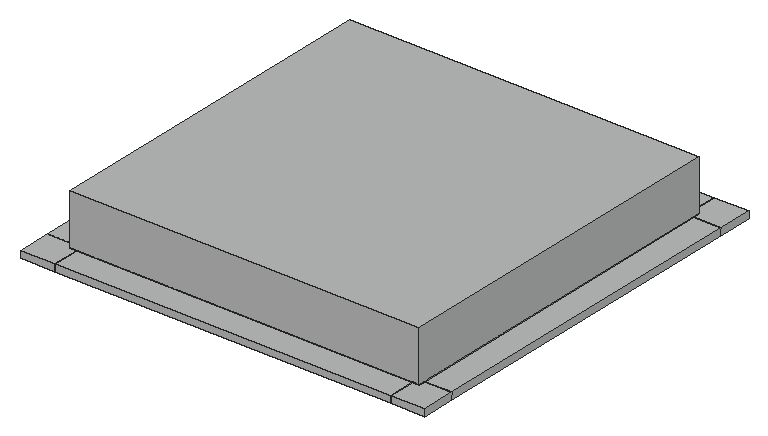
Revit family "ALUMOGIPS", category Осветительные приборы, Revit 2019 (continued)
Types (72, lengths in mm): name | Файл фотометрической сетки | built-in parameter 1150105 | Lumens | built-in parameter 1150106 | built-in parameter 1150142 | Wattage | Emit from Rectangle Width | Emit from Rectangle Length | Длина | Материал светильника | Ширина | ADSK_Ток | ADSK_Полная мощность | ADSK_Обозначение | ADSK_Номинальная мощность | ADSK_Наименование | ADSK_Масса | ADSK_Код изделия
  Alumogips-38/opal-sand 595х595 (IP40, 4000К, белый) c БАП на 3 часа | "Светильник ALUMOGIPS-38 OPAL-SAND-(595x595).IES" | 302.39 (stored number, unit not read) | 3800 lm | 3.0239 (stored number, unit not read) | "IESNA:LM-63-95\r\n[TEST] Протокол № 50-12 \r\n[DATA] 20.06.2016\r\n[MORE] \r\n[MANUFAC] ЗАО \"Центрстройсвет\"\r\n[LUMCAT]  Светильник ALUMOGIPS-38/OPAL-SAND-(595x595)\r\n[LUMINAIRE]\r\n[LAMPCAT] Светодиоды\r\n[LAMP] Поток источника света (светодиодов) не известен\r\n[MORE] КСС приведена в абсолютных величинах кд\r\n[MORE] Вместо потока лампы, указан поток светильника.\r\nTILT=NONE\r\n1    3750 1.0 37 73 1 2 0.595 0.595 0.04\r\n1.0 1.0 38.7\r\n0.0 5.0 10.0 15.0 20.0 25.0 30.0 35.0 40.0 45.0 50.0 55.0 60.0 65.0 70.0 75.0 80.0 85.0 90.0 95.0 100.0 105.0 110.0 115.0 120.0 125.0 130.0 135.0 140.0 145.0 150.0 155.0 160.0 165.0 170.0 175.0 180.0\r\n0.0 5.0 10.0 15.0 20.0 25.0 30.0 35.0 40.0 45.0 50.0 55.0 60.0 65.0 70.0 75.0 80.0 85.0 90.0 95.0 100.0 105.0 110.0 115.0 120.0 125.0 130.0 135.0 140.0 145.0 150.0 155.0 160.0 165.0 170.0 175.0 180.0 185.0 190.0 195.0 200.0 205.0 210.0 215.0 220.0 225.0 230.0 235.0 240.0 245.0 250.0 255.0 260.0 265.0 270.0 275.0 280.0 285.0 290.0 295.0 300.0 305.0 310.0 315.0 320.0 325.0 330.0 335.0 340.0 345.0 350.0 355.0 360.0\r\n1391.4 1390.6 1365.7 1330.6 1277.5 1214.9 1147.5 1059.6 967.6 873.2 772.4 664.9 556.3 449.1 342.7 240.6 147.1 64.2 4.7 0.0 0.0 0.0 0.0 0.0 0.0 0.0 0.0 0.0 0.0 0.0 0.0 0.0 0.0 0.0 0.0 0.0 0.0\r\n1391.4 1390.5 1367.8 1332.7 1284.3 1221.3 1147.0 1062.1 969.2 872.4 773.2 666.3 557.1 450.1 343.8 241.9 146.9 64.7 5.2 0.0 0.0 0.0 0.0 0.0 0.0 0.0 0.0 0.0 0.0 0.0 0.0 0.0 0.0 0.0 0.0 0.0 0.0\r\n1391.4 1390.2 1372.0 1333.3 1277.3 1216.8 1144.5 1057.4 969.6 875.1 773.8 669.5 560.0 454.6 345.8 242.4 148.5 65.8 5.4 0.0 0.0 0.0 0.0 0.0 0.0 0.0 0.0 0.0 0.0 0.0 0.0 0.0 0.0 0.0 0.0 0.0 0.0\r\n1391.4 1389.8 1371.2 1330.7 1279.5 1220.5 1148.3 1059.9 967.7 873.2 767.5 666.8 561.4 453.0 347.1 243.7 149.9 65.6 5.8 0.0 0.0 0.0 0.0 0.0 0.0 0.0 0.0 0.0 0.0 0.0 0.0 0.0 0.0 0.0 0.0 0.0 0.0\r\n1391.4 1389.8 1368.3 1329.3 1285.0 1214.6 1141.1 1058.7 971.8 871.3 775.2 666.9 559.4 452.6 345.8 242.5 150.0 65.8 6.1 0.0 0.0 0.0 0.0 0.0 0.0 0.0 0.0 0.0 0.0 0.0 0.0 0.0 0.0 0.0 0.0 0.0 0.0\r\n1391.4 1390.5 1367.3 1332.3 1281.7 1219.0 1142.8 1064.6 970.5 874.4 772.1 667.5 560.2 453.0 346.2 241.8 149.4 65.7 5.6 0.0 0.0 0.0 0.0 0.0 0.0 0.0 0.0 0.0 0.0 0.0 0.0 0.0 0.0 0.0 0.0 0.0 0.0\r\n1391.4 1391.4 1368.1 1333.5 1277.3 1215.7 1139.0 1059.6 968.1 872.4 771.6 667.4 558.8 453.3 344.3 243.9 148.4 65.7 5.4 0.0 0.0 0.0 0.0 0.0 0.0 0.0 0.0 0.0 0.0 0.0 0.0 0.0 0.0 0.0 0.0 0.0 0.0\r\n1391.4 1391.7 1368.1 1330.4 1278.2 1213.9 1142.4 1061.6 967.4 875.1 772.0 669.3 561.1 452.5 345.2 242.1 148.3 65.4 5.5 0.0 0.0 0.0 0.0 0.0 0.0 0.0 0.0 0.0 0.0 0.0 0.0 0.0 0.0 0.0 0.0 0.0 0.0\r\n1391.4 1391.5 1371.0 1328.4 1278.5 1216.7 1142.1 1061.2 971.8 874.7 772.1 668.9 560.8 452.9 345.4 243.3 147.7 66.0 5.4 0.0 0.0 0.0 0.0 0.0 0.0 0.0 0.0 0.0 0.0 0.0 0.0 0.0 0.0 0.0 0.0 0.0 0.0\r\n1391.4 1391.5 1373.2 1330.5 1277.3 1215.5 1143.2 1063.6 967.0 872.7 772.2 669.4 558.9 453.2 346.6 241.9 148.1 65.2 5.5 0.0 0.0 0.0 0.0 0.0 0.0 0.0 0.0 0.0 0.0 0.0 0.0 0.0 0.0 0.0 0.0 0.0 0.0\r\n1391.4 1391.4 1369.7 1328.3 1281.3 1216.0 1139.8 1057.9 968.7 875.3 773.9 667.6 561.8 454.0 344.0 243.1 147.2 65.6 5.5 0.0 0.0 0.0 0.0 0.0 0.0 0.0 0.0 0.0 0.0 0.0 0.0 0.0 0.0 0.0 0.0 0.0 0.0\r\n1391.4 1390.5 1367.9 1330.1 1278.1 1218.1 1138.9 1061.0 970.0 871.8 770.4 669.3 560.2 453.4 346.9 242.1 148.3 65.2 5.2 0.0 0.0 0.0 0.0 0.0 0.0 0.0 0.0 0.0 0.0 0.0 0.0 0.0 0.0 0.0 0.0 0.0 0.0\r\n1391.4 1389.3 1368.2 1329.1 1280.8 1214.4 1142.5 1059.2 967.2 874.3 772.4 668.0 563.1 452.3 345.7 242.8 146.8 64.9 5.1 0.0 0.0 0.0 0.0 0.0 0.0 0.0 0.0 0.0 0.0 0.0 0.0 0.0 0.0 0.0 0.0 0.0 0.0\r\n1391.4 1388.6 1367.4 1327.8 1278.0 1215.7 1141.0 1061.0 971.5 877.3 771.2 667.3 561.5 453.0 346.4 242.4 146.3 64.8 5.2 0.0 0.0 0.0 0.0 0.0 0.0 0.0 0.0 0.0 0.0 0.0 0.0 0.0 0.0 0.0 0.0 0.0 0.0\r\n1391.4 1388.0 1367.6 1326.7 1278.3 1218.0 1140.9 1061.5 968.4 873.4 770.1 666.6 562.1 454.6 344.8 241.8 146.4 64.0 5.5 0.0 0.0 0.0 0.0 0.0 0.0 0.0 0.0 0.0 0.0 0.0 0.0 0.0 0.0 0.0 0.0 0.0 0.0\r\n1391.4 1387.2 1366.1 1331.0 1281.4 1216.3 1142.7 1059.1 969.4 871.5 772.2 667.3 560.5 453.0 344.4 242.2 146.4 63.8 5.6 0.0 0.0 0.0 0.0 0.0 0.0 0.0 0.0 0.0 0.0 0.0 0.0 0.0 0.0 0.0 0.0 0.0 0.0\r\n1391.4 1387.1 1366.3 1328.7 1276.9 1214.5 1141.2 1059.3 968.4 874.3 775.5 668.3 562.5 454.9 346.4 241.3 146.2 63.5 5.7 0.0 0.0 0.0 0.0 0.0 0.0 0.0 0.0 0.0 0.0 0.0 0.0 0.0 0.0 0.0 0.0 0.0 0.0\r\n1391.4 1388.4 1366.0 1329.7 1279.2 1217.9 1140.0 1060.5 969.0 873.9 772.0 671.3 560.4 453.2 343.7 241.7 145.8 63.7 5.4 0.0 0.0 0.0 0.0 0.0 0.0 0.0 0.0 0.0 0.0 0.0 0.0 0.0 0.0 0.0 0.0 0.0 0.0\r\n1391.4 1389.6 1367.7 1329.3 1277.2 1211.1 1140.1 1061.0 971.0 871.2 769.2 669.1 561.5 453.1 343.3 241.9 145.8 63.4 5.2 0.0 0.0 0.0 0.0 0.0 0.0 0.0 0.0 0.0 0.0 0.0 0.0 0.0 0.0 0.0 0.0 0.0 0.0\r\n1391.4 1388.8 1366.9 1327.1 1279.4 1214.2 1142.5 1056.4 970.7 870.3 771.0 665.1 560.4 453.3 343.8 241.1 145.7 63.4 5.2 0.0 0.0 0.0 0.0 0.0 0.0 0.0 0.0 0.0 0.0 0.0 0.0 0.0 0.0 0.0 0.0 0.0 0.0\r\n1391.4 1387.2 1365.8 1328.9 1276.6 1210.2 1141.4 1059.3 966.6 871.4 770.5 667.4 559.2 451.4 344.2 241.0 145.6 63.2 5.1 0.0 0.0 0.0 0.0 0.0 0.0 0.0 0.0 0.0 0.0 0.0 0.0 0.0 0.0 0.0 0.0 0.0 0.0\r\n1391.4 1386.8 1364.4 1329.8 1279.4 1213.7 1144.0 1059.0 965.3 873.7 768.8 668.9 559.4 449.5 342.6 241.5 144.6 63.4 5.0 0.0 0.0 0.0 0.0 0.0 0.0 0.0 0.0 0.0 0.0 0.0 0.0 0.0 0.0 0.0 0.0 0.0 0.0\r\n1391.4 1388.1 1365.8 1328.1 1273.8 1213.4 1137.9 1059.2 967.3 869.2 769.3 667.7 558.4 451.4 344.0 240.6 145.7 63.4 4.9 0.0 0.0 0.0 0.0 0.0 0.0 0.0 0.0 0.0 0.0 0.0 0.0 0.0 0.0 0.0 0.0 0.0 0.0\r\n1391.4 1389.2 1364.4 1323.2 1276.3 1213.8 1137.6 1055.3 963.1 871.0 767.7 664.1 559.7 447.1 342.4 240.1 145.2 63.9 5.1 0.0 0.0 0.0 0.0 0.0 0.0 0.0 0.0 0.0 0.0 0.0 0.0 0.0 0.0 0.0 0.0 0.0 0.0\r\n1391.4 1388.4 1362.3 1326.8 1274.4 1212.2 1137.9 1054.7 966.7 867.9 768.7 663.4 557.3 449.2 343.3 240.0 145.7 63.6 5.0 0.0 0.0 0.0 0.0 0.0 0.0 0.0 0.0 0.0 0.0 0.0 0.0 0.0 0.0 0.0 0.0 0.0 0.0\r\n1391.4 1386.2 1361.8 1326.5 1273.3 1211.2 1134.5 1048.6 964.3 866.3 767.8 662.9 556.7 449.5 341.9 239.8 145.7 63.7 5.0 0.0 0.0 0.0 0.0 0.0 0.0 0.0 0.0 0.0 0.0 0.0 0.0 0.0 0.0 0.0 0.0 0.0 0.0\r\n1391.4 1384.4 1363.5 1324.4 1272.0 1209.5 1137.2 1053.0 960.2 867.5 767.9 662.7 556.7 449.2 342.5 239.1 146.2 63.8 4.8 0.0 0.0 0.0 0.0 0.0 0.0 0.0 0.0 0.0 0.0 0.0 0.0 0.0 0.0 0.0 0.0 0.0 0.0\r\n1391.4 1383.7 1362.4 1324.4 1274.0 1209.5 1134.4 1050.1 965.4 864.9 764.6 662.3 556.6 447.9 340.5 240.3 145.5 64.6 4.6 0.0 0.0 0.0 0.0 0.0 0.0 0.0 0.0 0.0 0.0 0.0 0.0 0.0 0.0 0.0 0.0 0.0 0.0\r\n1391.4 1384.4 1361.9 1326.9 1270.2 1207.3 1132.7 1050.1 959.7 867.7 763.1 662.2 555.0 447.3 343.0 238.3 145.8 63.9 4.7 0.0 0.0 0.0 0.0 0.0 0.0 0.0 0.0 0.0 0.0 0.0 0.0 0.0 0.0 0.0 0.0 0.0 0.0\r\n1391.4 1385.1 1363.0 1320.0 1270.4 1207.9 1134.4 1055.0 963.5 867.3 766.7 660.7 555.9 450.1 342.6 240.2 145.9 64.3 4.9 0.0 0.0 0.0 0.0 0.0 0.0 0.0 0.0 0.0 0.0 0.0 0.0 0.0 0.0 0.0 0.0 0.0 0.0\r\n1391.4 1384.9 1362.3 1321.4 1273.1 1208.0 1135.4 1052.3 961.9 865.0 764.0 660.8 553.5 447.6 341.2 240.3 146.1 63.8 4.8 0.0 0.0 0.0 0.0 0.0 0.0 0.0 0.0 0.0 0.0 0.0 0.0 0.0 0.0 0.0 0.0 0.0 0.0\r\n1391.4 1383.8 1361.2 1322.1 1265.1 1211.5 1132.8 1049.3 961.3 863.4 764.0 661.0 550.7 447.9 341.0 240.1 146.2 63.8 4.6 0.0 0.0 0.0 0.0 0.0 0.0 0.0 0.0 0.0 0.0 0.0 0.0 0.0 0.0 0.0 0.0 0.0 0.0\r\n1391.4 1382.8 1359.3 1321.5 1269.3 1206.8 1132.8 1051.1 958.3 863.2 763.1 662.7 553.4 448.0 340.4 240.0 145.8 63.8 4.0 0.0 0.0 0.0 0.0 0.0 0.0 0.0 0.0 0.0 0.0 0.0 0.0 0.0 0.0 0.0 0.0 0.0 0.0\r\n1391.4 1382.6 1359.0 1319.6 1268.1 1204.3 1129.8 1049.0 957.7 861.8 761.7 658.4 554.2 446.1 340.4 239.0 145.6 63.8 3.8 0.0 0.0 0.0 0.0 0.0 0.0 0.0 0.0 0.0 0.0 0.0 0.0 0.0 0.0 0.0 0.0 0.0 0.0\r\n1391.4 1382.8 1358.5 1315.8 1266.5 1202.1 1128.5 1049.2 957.6 860.0 762.1 658.2 549.9 443.8 339.6 238.4 145.7 63.6 3.7 0.0 0.0 0.0 0.0 0.0 0.0 0.0 0.0 0.0 0.0 0.0 0.0 0.0 0.0 0.0 0.0 0.0 0.0\r\n1391.4 1382.2 1360.5 1319.2 1265.9 1204.5 1129.9 1046.9 955.0 862.9 758.9 657.9 552.5 444.9 338.9 238.8 145.3 63.6 3.3 0.0 0.0 0.0 0.0 0.0 0.0 0.0 0.0 0.0 0.0 0.0 0.0 0.0 0.0 0.0 0.0 0.0 0.0\r\n1391.4 1381.1 1361.2 1321.0 1268.1 1203.8 1128.8 1047.4 955.6 863.7 761.1 656.4 551.5 445.2 339.2 238.5 144.7 62.5 3.5 0.0 0.0 0.0 0.0 0.0 0.0 0.0 0.0 0.0 0.0 0.0 0.0 0.0 0.0 0.0 0.0 0.0 0.0\r\n1391.4 1380.6 1359.0 1316.4 1268.5 1204.0 1126.1 1049.5 956.2 859.6 759.7 656.5 549.2 444.3 338.4 236.1 143.8 61.6 3.2 0.0 0.0 0.0 0.0 0.0 0.0 0.0 0.0 0.0 0.0 0.0 0.0 0.0 0.0 0.0 0.0 0.0 0.0\r\n1391.4 1380.7 1356.6 1316.0 1267.0 1205.6 1130.3 1044.8 956.9 856.7 759.3 653.5 548.1 441.9 335.3 235.4 141.4 60.3 2.9 0.0 0.0 0.0 0.0 0.0 0.0 0.0 0.0 0.0 0.0 0.0 0.0 0.0 0.0 0.0 0.0 0.0 0.0\r\n1391.4 1380.4 1354.4 1317.9 1268.8 1199.0 1129.0 1044.0 956.9 860.6 758.3 656.9 549.1 442.0 334.4 236.1 141.7 60.5 2.6 0.0 0.0 0.0 0.0 0.0 0.0 0.0 0.0 0.0 0.0 0.0 0.0 0.0 0.0 0.0 0.0 0.0 0.0\r\n1391.4 1380.1 1356.7 1322.1 1264.6 1201.7 1129.9 1047.4 957.2 859.7 758.2 656.1 549.4 442.8 335.3 235.8 141.3 60.6 2.3 0.0 0.0 0.0 0.0 0.0 0.0 0.0 0.0 0.0 0.0 0.0 0.0 0.0 0.0 0.0 0.0 0.0 0.0\r\n1391.4 1379.9 1357.3 1317.5 1265.9 1207.8 1129.2 1046.5 955.7 860.2 758.6 656.9 550.7 441.9 335.4 233.9 140.6 60.2 2.4 0.0 0.0 0.0 0.0 0.0 0.0 0.0 0.0 0.0 0.0 0.0 0.0 0.0 0.0 0.0 0.0 0.0 0.0\r\n1391.4 1379.2 1355.5 1314.6 1269.3 1203.7 1133.5 1044.8 957.2 857.9 762.0 656.6 548.7 440.4 335.9 234.5 140.4 59.8 2.8 0.0 0.0 0.0 0.0 0.0 0.0 0.0 0.0 0.0 0.0 0.0 0.0 0.0 0.0 0.0 0.0 0.0 0.0\r\n1391.4 1377.9 1357.1 1319.2 1271.9 1204.4 1128.6 1050.2 953.1 856.9 757.6 653.7 548.9 439.9 335.4 232.4 140.5 59.2 3.0 0.0 0.0 0.0 0.0 0.0 0.0 0.0 0.0 0.0 0.0 0.0 0.0 0.0 0.0 0.0 0.0 0.0 0.0\r\n1391.4 1377.2 1356.3 1322.9 1266.0 1204.8 1132.2 1049.0 958.1 859.3 759.0 654.6 547.0 441.6 334.9 232.1 139.3 58.8 2.9 0.0 0.0 0.0 0.0 0.0 0.0 0.0 0.0 0.0 0.0 0.0 0.0 0.0 0.0 0.0 0.0 0.0 0.0\r\n1391.4 1377.8 1353.8 1319.7 1269.6 1207.9 1135.8 1049.5 955.8 858.0 762.4 655.9 548.2 441.6 335.6 231.7 139.4 58.8 2.8 0.0 0.0 0.0 0.0 0.0 0.0 0.0 0.0 0.0 0.0 0.0 0.0 0.0 0.0 0.0 0.0 0.0 0.0\r\n1391.4 1378.5 1355.2 1319.8 1267.3 1206.5 1131.2 1046.1 954.6 861.2 756.6 653.8 548.1 440.3 335.0 232.6 138.6 59.0 2.9 0.0 0.0 0.0 0.0 0.0 0.0 0.0 0.0 0.0 0.0 0.0 0.0 0.0 0.0 0.0 0.0 0.0 0.0\r\n1391.4 1378.6 1355.1 1318.3 1269.7 1200.8 1133.1 1049.0 957.6 862.5 762.4 656.9 549.3 443.5 334.7 231.2 138.8 58.1 3.0 0.0 0.0 0.0 0.0 0.0 0.0 0.0 0.0 0.0 0.0 0.0 0.0 0.0 0.0 0.0 0.0 0.0 0.0\r\n1391.4 1378.8 1355.8 1321.7 1268.8 1210.0 1129.0 1048.5 958.8 862.4 762.2 656.4 549.0 441.1 335.4 231.5 138.5 58.1 3.0 0.0 0.0 0.0 0.0 0.0 0.0 0.0 0.0 0.0 0.0 0.0 0.0 0.0 0.0 0.0 0.0 0.0 0.0\r\n1391.4 1379.6 1357.6 1321.7 1269.0 1207.1 1133.9 1047.0 964.1 863.3 761.9 656.4 551.5 440.7 334.9 232.2 137.6 58.1 2.8 0.0 0.0 0.0 0.0 0.0 0.0 0.0 0.0 0.0 0.0 0.0 0.0 0.0 0.0 0.0 0.0 0.0 0.0\r\n1391.4 1380.6 1357.7 1319.2 1272.0 1207.5 1131.3 1054.6 959.0 863.3 764.8 655.9 549.1 443.0 335.1 231.3 138.0 58.1 2.7 0.0 0.0 0.0 0.0 0.0 0.0 0.0 0.0 0.0 0.0 0.0 0.0 0.0 0.0 0.0 0.0 0.0 0.0\r\n1391.4 1381.5 1358.5 1321.9 1271.0 1204.1 1135.9 1055.8 962.5 865.5 761.1 656.9 550.6 442.0 335.3 231.9 137.4 57.9 2.6 0.0 0.0 0.0 0.0 0.0 0.0 0.0 0.0 0.0 0.0 0.0 0.0 0.0 0.0 0.0 0.0 0.0 0.0\r\n1391.4 1381.3 1358.5 1322.3 1270.8 1207.2 1133.7 1051.9 958.0 867.3 767.5 657.0 552.1 442.3 333.6 231.2 137.9 57.8 2.6 0.0 0.0 0.0 0.0 0.0 0.0 0.0 0.0 0.0 0.0 0.0 0.0 0.0 0.0 0.0 0.0 0.0 0.0\r\n1391.4 1380.6 1359.4 1319.7 1270.6 1209.0 1133.0 1052.1 963.9 867.5 764.1 660.0 554.0 443.3 334.8 231.7 137.6 57.8 2.7 0.0 0.0 0.0 0.0 0.0 0.0 0.0 0.0 0.0 0.0 0.0 0.0 0.0 0.0 0.0 0.0 0.0 0.0\r\n1391.4 1381.3 1359.9 1321.3 1270.6 1204.8 1135.0 1051.3 962.1 865.5 761.7 660.3 553.1 443.5 334.1 231.9 137.9 57.8 2.8 0.0 0.0 0.0 0.0 0.0 0.0 0.0 0.0 0.0 0.0 0.0 0.0 0.0 0.0 0.0 0.0 0.0 0.0\r\n1391.4 1383.1 1362.1 1324.8 1273.8 1208.7 1134.8 1055.9 961.8 866.4 762.3 659.7 552.4 443.7 334.4 232.8 138.0 58.0 2.8 0.0 0.0 0.0 0.0 0.0 0.0 0.0 0.0 0.0 0.0 0.0 0.0 0.0 0.0 0.0 0.0 0.0 0.0\r\n1391.4 1384.6 1360.4 1321.7 1272.0 1210.6 1130.9 1052.5 963.1 866.7 767.4 659.3 553.7 444.6 335.4 233.1 138.3 58.0 2.8 0.0 0.0 0.0 0.0 0.0 0.0 0.0 0.0 0.0 0.0 0.0 0.0 0.0 0.0 0.0 0.0 0.0 0.0\r\n1391.4 1385.6 1357.5 1324.7 1273.9 1211.6 1134.3 1052.7 963.6 865.4 763.1 658.7 552.2 444.9 336.9 232.8 138.8 58.6 2.9 0.0 0.0 0.0 0.0 0.0 0.0 0.0 0.0 0.0 0.0 0.0 0.0 0.0 0.0 0.0 0.0 0.0 0.0\r\n1391.4 1386.4 1357.8 1323.4 1273.2 1212.2 1136.3 1054.7 967.5 867.5 764.0 659.4 553.3 443.7 336.8 233.2 138.9 58.5 3.1 0.0 0.0 0.0 0.0 0.0 0.0 0.0 0.0 0.0 0.0 0.0 0.0 0.0 0.0 0.0 0.0 0.0 0.0\r\n1391.4 1386.6 1362.0 1324.9 1273.2 1211.3 1139.0 1049.9 960.3 866.4 768.0 661.3 552.2 443.4 336.3 233.4 139.8 58.9 3.1 0.0 0.0 0.0 0.0 0.0 0.0 0.0 0.0 0.0 0.0 0.0 0.0 0.0 0.0 0.0 0.0 0.0 0.0\r\n1391.4 1386.0 1360.5 1326.0 1271.8 1212.0 1137.2 1059.3 963.5 867.6 766.9 661.2 552.3 445.8 337.8 233.6 141.0 59.2 3.3 0.0 0.0 0.0 0.0 0.0 0.0 0.0 0.0 0.0 0.0 0.0 0.0 0.0 0.0 0.0 0.0 0.0 0.0\r\n1391.4 1385.0 1362.3 1325.1 1272.0 1207.1 1138.5 1053.6 964.5 865.8 766.5 661.6 554.3 445.9 337.0 234.5 140.4 60.2 3.5 0.0 0.0 0.0 0.0 0.0 0.0 0.0 0.0 0.0 0.0 0.0 0.0 0.0 0.0 0.0 0.0 0.0 0.0\r\n1391.4 1384.4 1361.8 1323.6 1274.0 1214.8 1138.9 1053.9 968.0 867.9 769.0 663.8 555.6 446.7 339.6 235.0 141.3 60.4 3.4 0.0 0.0 0.0 0.0 0.0 0.0 0.0 0.0 0.0 0.0 0.0 0.0 0.0 0.0 0.0 0.0 0.0 0.0\r\n1391.4 1385.0 1360.9 1322.2 1272.4 1209.8 1137.2 1055.7 962.7 869.7 769.6 658.2 556.6 447.4 338.5 236.2 142.5 60.7 3.4 0.0 0.0 0.0 0.0 0.0 0.0 0.0 0.0 0.0 0.0 0.0 0.0 0.0 0.0 0.0 0.0 0.0 0.0\r\n1391.4 1386.6 1363.1 1323.6 1272.5 1211.5 1139.2 1058.4 969.9 868.0 768.8 664.6 556.3 445.8 342.1 236.1 142.3 61.2 3.5 0.0 0.0 0.0 0.0 0.0 0.0 0.0 0.0 0.0 0.0 0.0 0.0 0.0 0.0 0.0 0.0 0.0 0.0\r\n1391.4 1388.6 1360.9 1330.2 1273.7 1213.2 1138.7 1058.3 966.2 867.0 766.8 663.4 553.3 447.1 339.2 238.7 143.0 61.4 3.8 0.0 0.0 0.0 0.0 0.0 0.0 0.0 0.0 0.0 0.0 0.0 0.0 0.0 0.0 0.0 0.0 0.0 0.0\r\n1391.4 1389.8 1360.8 1328.4 1276.8 1216.0 1140.1 1055.8 963.1 870.3 768.4 663.1 554.0 449.1 340.1 237.3 144.8 61.7 3.8 0.0 0.0 0.0 0.0 0.0 0.0 0.0 0.0 0.0 0.0 0.0 0.0 0.0 0.0 0.0 0.0 0.0 0.0\r\n1391.4 1389.3 1362.5 1325.9 1278.0 1210.4 1138.2 1054.7 967.8 872.7 770.2 661.9 556.5 446.9 341.3 237.7 144.4 62.5 3.9 0.0 0.0 0.0 0.0 0.0 0.0 0.0 0.0 0.0 0.0 0.0 0.0 0.0 0.0 0.0 0.0 0.0 0.0\r\n1391.4 1387.8 1365.8 1326.6 1274.3 1213.2 1141.4 1053.1 966.2 871.2 768.4 663.7 555.0 447.1 341.3 238.2 144.3 62.7 4.1 0.0 0.0 0.0 0.0 0.0 0.0 0.0 0.0 0.0 0.0 0.0 0.0 0.0 0.0 0.0 0.0 0.0 0.0\r\n1391.4 1387.2 1364.2 1328.3 1274.8 1209.4 1145.0 1060.0 963.9 867.5 766.5 663.4 556.7 448.2 340.9 240.3 144.7 63.3 4.0 0.0 0.0 0.0 0.0 0.0 0.0 0.0 0.0 0.0 0.0 0.0 0.0 0.0 0.0 0.0 0.0 0.0 0.0\r\n1391.4 1388.4 1364.9 1332.6 1279.0 1215.6 1140.9 1056.3 969.3 867.1 770.0 663.8 559.0 449.0 342.4 240.3 145.7 63.3 4.7 0.0 0.0 0.0 0.0 0.0 0.0 0.0 0.0 0.0 0.0 0.0 0.0 0.0 0.0 0.0 0.0 0.0 0.0\r\n1391.4 1390.0 1364.5 1329.3 1281.4 1217.7 1141.3 1063.3 970.3 871.1 768.8 663.5 555.2 449.3 342.4 239.8 146.6 63.3 4.9 0.0 0.0 0.0 0.0 0.0 0.0 0.0 0.0 0.0 0.0 0.0 0.0 0.0 0.0 0.0 0.0 0.0 0.0\r\n1391.4 1390.6 1365.7 1330.6 1277.5 1214.9 1147.5 1059.6 967.6 873.2 772.4 664.9 556.3 449.1 342.7 240.6 147.1 64.2 4.7 0.0 0.0 0.0 0.0 0.0 0.0 0.0 0.0 0.0 0.0 0.0 0.0 0.0 0.0 0.0 0.0 0.0 0.0\r\n" | 25.582 W | 575 | 575 | 595 | RAL 9001 | 595 | 0.179584 A | 41.3043 VA | "Alumogips-38/opal-sand 595х595 (IP40, 4000К, белый)" | 38 W | "Встраиваемый светодиодный светильник Alumogips-38/opal-sand 595х595 (IP40, 4000К, белый) c БАП на 3 час" | 2.4 | "ЦБ000
    008027"
